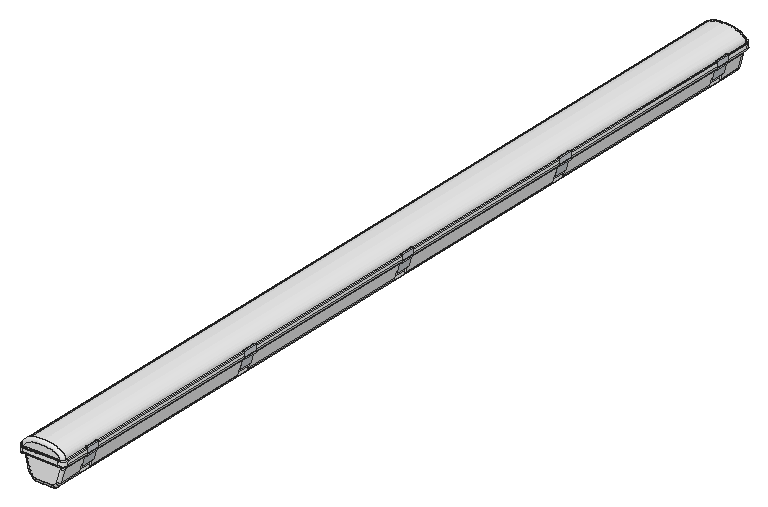
Revit family "0048720", category Lighting Fixtures, host Face, Revit 2017
Family settings
  Host = Face
  Round Connector Dimension = Use Diameter
  Part Type = Normal
  OmniClass Number = 23.80.70.11.14
  OmniClass Title = General Luminaries, Directional
  Cut with Voids When Loaded = Yes
  Light Source = Yes
  Shared = No
  Room Calculation Point = No
Parameters (values of type "0048720 SYLPROOF SUPERIA LED G3 1500mm S 4K SSH01")
  Width = 84 mm
  Weight = "2.06 kg"
  Wattage Comments = "n/a"
  Wattage = 33 W
  WarrantyStartDate [instance] = "n/a"
  WarrantyGuarantorParts = "n/a"
  WarrantyDurationUnit = "n/a"
  WarrantyDurationParts = "n/a"
  WarrantyDescription = "n/a"
  built-in parameter 1150110 = 1 (stored number, unit not read)
  Voltage = 230 V
  URL = "http://www.sylvania-lighting.com"
  TypeName = "SYLPROOF SUPERIA LED G3 1500mm S 4K SSH01"
  Type Image = <None>
  Type Comments = "n/a"
  built-in parameter 1114217 = 1 (stored number, unit not read)
  Tilt Angle = -90.00°
  built-in parameter 1150109 = 1 (stored number, unit not read)
  built-in parameter 1150134 = 12
  built-in parameter 1150113 = 1 (stored number, unit not read)
  SerialNumber [instance] = "n/a"
  ReflectorMaterial = none
  PowerFactor = 0
  PowerConsumption = "33 W"
  Photometric Web File = "0048720.ies"
  NominalWidth = 0 mm
  NominalLength = 1578 mm
  NominalHeight = 75 mm
  Name = "SYLPROOF SUPERIA LED G3 1500mm S 4K SSH01"
  ModelReference = "SYLPROOF SUPERIA LED G3 1500mm S 4K SSH01"
  ModelNumber = "0048720"
  Model = "SYLPROOF SUPERIA LED G3 1500mm S 4K SSH01"
  Material = "polycarbonate housing, polycarbonate diffuser"
  ManufacturerName = "Feilo Sylvania"
  Manufacturer = "Feilo Sylvania"
  LuminousEfficacy = "145 lm/W"
  built-in parameter 1150105 = 380.78 (stored number, unit not read)
  Lumens = 4785 lm
  LuminaireType = "Weatherproof"
  built-in parameter 1150115 = 1 (stored number, unit not read)
  LightOutputRatio = "n/a"
  built-in parameter 1150137 = (empty or 0)
  built-in parameter 1150139 = (empty or 0)
  Length = 1572 mm
  LampsType = Lamp  # "LED"
  LampNominalLuminous = "4800 lm"
  LampMacAdamStep = "3"
  LampColourTemperature = "4000 K"
  LampColourRenderingIndex = "80"
  built-in parameter 1150112 = 1 (stored number, unit not read)
  built-in parameter 1150114 = 1 (stored number, unit not read)
  Lamp = "LED"
  Keynote = "16500"
  InstallationDate [instance] = "n/a"
  InputVoltage = "220-240V~"
  InputNominalFrequency = "50/60 Hz"
  built-in parameter 1150132 = (empty or 0)
  built-in parameter 1150102 = (empty or 0)
  built-in parameter 1150107 = 4000 (stored number, unit not read)
  built-in parameter 1150138 = (empty or 0)
  IngressProtection = "IP65"
  ImpactProtectionIndex = "IK08"
  built-in parameter 1150106 = 3.8078 (stored number, unit not read)
  IfcExportType = "IfcLightFixtureType"
  IfcExportAs = "IfcLightFixtureType"
  ExpectedLife = 50000
  Emit from Rectangle Width = Width - 20 mm  # 64 mm
  Emit from Rectangle Length = Length - 20 mm  # 1552 mm
  Emit Shape Visible in Rendering = no
  ElectricShockClassification = "Class I"
  built-in parameter 1150104 = 13.471 (stored number, unit not read)
  DurationUnit = "hours"
  DocumentationLiterature = "http://www.sylvania-lighting.com/product/en-int/products/0048720"
  DimmingControlOptions = "Non dimmable"
  Dimming Lamp Color Temperature Shift = <None>
  DiffuserMaterial = Diffuser-Sylvania-Transparent
  Description = ""
  Default Elevation = 1219.2 mm
  CreatedOn = "11/9/2017"
  CreatedBy = ""
  Cost = 0
  Color Filter = 16777215
  built-in parameter 1114216 [instance] = (empty or 0)
  ClassificationValue = "EF_70_80"
  ClassificationName = "Uniclass2015"
  BodyMaterial = Body-Sylvania-Gray
  BarCode [instance] = "n/a"
  built-in parameter 1114218 = 1 (stored number, unit not read)
  built-in parameter 1150133 = 10 (stored number, unit not read)
  AssetType = "Fixed"
  AssetIdentifier [instance] = "n/a"
  Assembly Code = "D5020200"
  Apparent Load = 33 VA
  AccessoryMaterial = Diffuser-Sylvania-Glow
Reference planes
  plane 1 "Center (Front/Back)": y = 0
  plane 2: z = 0
  plane 3 "Center (Left/Right)": x = 0
  plane 4: z = 54
  plane 5: x = -14.7
  plane 6: x = -21.8
  plane 7: x = -26.6
  plane 8: x = -29.2
  plane 9: z = 3
  plane 10: z = 7.8
  plane 11: z = 12.3
  plane 12: z = 36.6
  plane 13: z = 42.8
  plane 14: x = -38.1
  plane 15: z = 46.2
  plane 16: x = -42
  plane 17: y = 786
  plane 18: y = -786
  plane 19: x = 14.7
  plane 20: x = 21.8
  plane 21: x = 26.6
  plane 22: x = 29.2
  plane 23: x = 38.1
  plane 24: x = 42
  plane 25: y = 778.4
  plane 26: y = -778.4
  plane 27: y = -774.7
  plane 28: y = 774.7
  plane 29: z = 74
  plane 30: x = -38.5
  plane 31: x = 38.5
  plane 32: z = 55.2
  plane 33: y = -782.5
  plane 34: y = 782.5
  plane 35: x = -24.5
  plane 36: x = 24.5
  plane 37: x = -35.7
  plane 38: x = 35.7
  plane 39: z = 50.2
  plane 40: z = 24.6
  plane 41: y = -720
  plane 42: y = -734
  plane 43: y = -706
  plane 44: y = 720
  plane 45: y = -720
  plane 46: y = -734
  plane 47: y = -706
  plane 48: y = 720
  plane 49: y = 706
  plane 50: y = 734
  plane 51: y = -360
  plane 52: y = -374
  plane 53: y = -346
  plane 54: y = 0
  plane 55: y = -14
  plane 56: y = 14
  plane 57: y = 360
  plane 58: y = 346
  plane 59: y = 374
Forms (mm)
  Sweep 1, solid, material "Body-Sylvania-Gray" <- "BodyMaterial", detail levels medium+fine
    path origin (1223.4, -4572, 54) x (0, -1, 0) y (1, 0, 0)
      loop
        arc (-3796, -1265.4) -> (-3788.929, -1262.471) -> (-3786, -1255.4) r 10
        line (-3786, -1255.4) -> (-3786, -1191.4)
        arc (-3786, -1191.4) -> (-3788.929, -1184.329) -> (-3796, -1181.4) r 10
        line (-3796, -1181.4) -> (-5348, -1181.4)
        arc (-5348, -1181.4) -> (-5355.071, -1184.329) -> (-5358, -1191.4) r 10
        line (-5358, -1191.4) -> (-5358, -1255.4)
        arc (-5358, -1255.4) -> (-5355.071, -1262.471) -> (-5348, -1265.4) r 10
        line (-5348, -1265.4) -> (-3796, -1265.4)
    profile origin (-42, 0, 54) x (-1, 0, 0) y (0, 0, 1)
      loop
        line (0, 0) -> (-1, 0) -> (-1, -7.726)
        arc (-1, -7.726) -> (-1.994, -9.498) -> (-3.9, -10.2) r 2.937
        line (-3.9, -10.2) -> (-8.571, -10.2) -> (-8.571, -11.2) -> (-3.9, -11.2)
        arc (-3.9, -11.2) -> (-1.313, -10.231) -> (0, -7.8) r 3.937
        line (0, -7.8) -> (0, 0)
  Sweep 2, solid, material "Body-Sylvania-Gray" <- "BodyMaterial", detail levels medium+fine
    path origin (0, 0, 0) x (1, 0, 0) y (0, 0, 1)
      loop
        line (35.7, 42.8) -> (35.7, 36.6) -> (29.203, 12.31)
        arc (29.203, 12.31) -> (28.199, 9.884) -> (26.6, 7.8) r 10.052
        line (26.6, 7.8) -> (21.8, 3)
        arc (21.8, 3) -> (18.554, 0.781) -> (14.7, 0) r 9.902
        line (14.7, 0) -> (0, 0) -> (-14.7, 0)
        arc (-14.7, 0) -> (-18.554, 0.781) -> (-21.8, 3) r 9.902
        line (-21.8, 3) -> (-26.6, 7.8)
        arc (-26.6, 7.8) -> (-28.199, 9.884) -> (-29.203, 12.31) r 10.052
        line (-29.203, 12.31) -> (-35.7, 36.6) -> (-35.7, 42.8)
    profile origin (0, 0, 0) x (0, 0, -1) y (0, -1, 0)
      loop
        arc (0, 773.4) -> (-1.464, 776.936) -> (-5, 778.4) r 5
        line (-5, 778.4) -> (-7.8, 778.4) -> (-7.8, -778.4) -> (-5, -778.4)
        arc (-5, -778.4) -> (-1.464, -776.936) -> (0, -773.4) r 5
        line (0, -773.4) -> (0, 773.4)
  Extrusion 3, solid, material "Body-Sylvania-Gray" <- "BodyMaterial", detail levels medium+fine
    sketch origin (1524, 778.4, 1219.2) x (1, 0, 0) y (0, 0, 1)
      loop
        arc (-1545.668, -1204.874) -> (-1545.443, -1205.418) -> (-1545.085, -1205.885) r 2.252
        line (-1545.085, -1205.885) -> (-1540.231, -1210.738)
        arc (-1540.231, -1210.738) -> (-1539.534, -1211.227) -> (-1538.7, -1211.4) r 2.102
        line (-1538.7, -1211.4) -> (-1509.3, -1211.4)
        arc (-1509.3, -1211.4) -> (-1508.466, -1211.227) -> (-1507.769, -1210.738) r 2.102
        line (-1507.769, -1210.738) -> (-1502.915, -1205.885)
        arc (-1502.915, -1205.885) -> (-1502.557, -1205.418) -> (-1502.332, -1204.874) r 2.252
        line (-1502.332, -1204.874) -> (-1496.1, -1181.575) -> (-1496.1, -1176.4) -> (-1551.9, -1176.4) -> (-1551.9, -1181.575) -> (-1545.668, -1204.874)
    from 0 to 1556.8
  Sweep 4, solid, material "Diffuser-Sylvania-Transparent" <- "DiffuserMaterial", detail levels medium+fine
    path origin (0, 0, 0) x (1, 0, 0) y (0, 0, 1)
      loop
        spline (-38.5, 55.2) -> (-37.188, 60.066) -> (-33.342, 64.6) -> (-27.224, 68.494) -> (-19.25, 71.481) -> (-9.965, 73.359) -> (0, 74) -> (9.965, 73.359) -> (19.25, 71.481) -> (27.224, 68.494) -> (33.342, 64.6) -> (37.188, 60.066) -> (38.5, 55.2)
    profile origin (38.5, 0, 55.2) x (0, -1, 0) y (1, 0, 0)
      loop
        arc (782.5, -5.5) -> (780.889, -1.611) -> (777, 0) r 5.5
        line (777, 0) -> (-777, 0)
        arc (-777, 0) -> (-780.889, -1.611) -> (-782.5, -5.5) r 5.5
        line (-782.5, -5.5) -> (-782.5, -6.3) -> (-781.5, -6.3) -> (-781.5, -5.5)
        arc (-781.5, -5.5) -> (-780.182, -2.318) -> (-777, -1) r 4.5
        line (-777, -1) -> (777, -1)
        arc (777, -1) -> (780.182, -2.318) -> (781.5, -5.5) r 4.5
        line (781.5, -5.5) -> (781.5, -6.347) -> (782.5, -6.347) -> (782.5, -5.5)
  Extrusion 5, solid, material "Diffuser-Sylvania-Transparent" <- "DiffuserMaterial", detail levels medium+fine
    sketch origin (1524, -782.5, 1219.2) x (1, 0, 0) y (0, 0, 1)
      loop
        line (-1556.653, -1164) -> (-1491.347, -1164)
        spline (-1491.347, -1164) -> (-1491.939, -1161.945) -> (-1494.434, -1159.066) -> (-1499.342, -1155.96) -> (-1506.338, -1153.35) -> (-1514.799, -1151.648) -> (-1524, -1151.047) -> (-1533.201, -1151.648) -> (-1541.662, -1153.35) -> (-1548.658, -1155.96) -> (-1553.566, -1159.066) -> (-1556.061, -1161.945) -> (-1556.653, -1164)
    from 0 to -1
  Extrusion 6, solid, material "Diffuser-Sylvania-Transparent" <- "DiffuserMaterial", detail levels medium+fine
    sketch origin (1524, 782.5, 1219.2) x (1, 0, 0) y (0, 0, 1)
      loop
        spline (-1491.3, -1164) -> (-1491.898, -1161.922) -> (-1494.404, -1159.03) -> (-1499.322, -1155.918) -> (-1506.325, -1153.305) -> (-1514.793, -1151.602) -> (-1524, -1151) -> (-1533.207, -1151.602) -> (-1541.675, -1153.305) -> (-1548.678, -1155.918) -> (-1553.596, -1159.03) -> (-1556.102, -1161.922) -> (-1556.7, -1164)
        line (-1556.7, -1164) -> (-1491.3, -1164)
    from 0 to 1
  Extrusion 7, solid, material "Diffuser-Sylvania-Glow" <- "AccessoryMaterial", detail levels fine
    sketch origin (0, 0, 0) x (1, 0, 0) y (0, 0, 1)
      loop
        circle (0, 50.2) r 8
    from -774.7 to 774.7
  Extrusion 8, void
    sketch origin (0, -720, 2343.807) x (0, 0, -1) y (-1, 0, 0)
      loop
        line (2340.807, -24.5) -> (2331.507, -24.5) -> (2319.207, -29.2) -> (2319.207, -35.7) -> (2340.807, -35.7) -> (2340.807, -24.5)
      loop
        line (2340.807, 24.5) -> (2340.807, 35.7) -> (2319.207, 35.7) -> (2319.207, 29.2) -> (2331.507, 24.5) -> (2340.807, 24.5)
    from 14 to -14
  Extrusion 9, void, not visible
    sketch origin (0, -720, 2343.807) x (0, 0, -1) y (-1, 0, 0)
      loop
        line (2340.807, -24.5) -> (2331.507, -24.5) -> (2319.207, -29.2) -> (2319.207, -35.7) -> (2340.807, -35.7) -> (2340.807, -24.5)
      loop
        line (2340.807, 24.5) -> (2340.807, 35.7) -> (2319.207, 35.7) -> (2319.207, 29.2) -> (2331.507, 24.5) -> (2340.807, 24.5)
    from 14 to -14
  Extrusion 10, void
    sketch origin (0, 720, 2343.807) x (0, 0, -1) y (-1, 0, 0)
      loop
        line (2340.807, -24.5) -> (2331.507, -24.5) -> (2319.207, -29.2) -> (2319.207, -35.7) -> (2340.807, -35.7) -> (2340.807, -24.5)
      loop
        line (2340.807, 24.5) -> (2340.807, 35.7) -> (2319.207, 35.7) -> (2319.207, 29.2) -> (2331.507, 24.5) -> (2340.807, 24.5)
    from 14 to -14
  Extrusion 11, void
    sketch origin (0, -360, 2343.807) x (0, 0, -1) y (-1, 0, 0)
      loop
        line (2340.807, -24.5) -> (2331.507, -24.5) -> (2319.207, -29.2) -> (2319.207, -35.7) -> (2340.807, -35.7) -> (2340.807, -24.5)
      loop
        line (2340.807, 24.5) -> (2340.807, 35.7) -> (2319.207, 35.7) -> (2319.207, 29.2) -> (2331.507, 24.5) -> (2340.807, 24.5)
    from 14 to -14
  Extrusion 12, void
    sketch origin (0, 0, 2343.807) x (0, 0, -1) y (-1, 0, 0)
      loop
        line (2340.807, -24.5) -> (2331.507, -24.5) -> (2319.207, -29.2) -> (2319.207, -35.7) -> (2340.807, -35.7) -> (2340.807, -24.5)
      loop
        line (2340.807, 24.5) -> (2340.807, 35.7) -> (2319.207, 35.7) -> (2319.207, 29.2) -> (2331.507, 24.5) -> (2340.807, 24.5)
    from 14 to -14
  Extrusion 13, void
    sketch origin (0, 360, 2343.807) x (0, 0, -1) y (-1, 0, 0)
      loop
        line (2340.807, -24.5) -> (2331.507, -24.5) -> (2319.207, -29.2) -> (2319.207, -35.7) -> (2340.807, -35.7) -> (2340.807, -24.5)
      loop
        line (2340.807, 24.5) -> (2340.807, 35.7) -> (2319.207, 35.7) -> (2319.207, 29.2) -> (2331.507, 24.5) -> (2340.807, 24.5)
    from 14 to -14
  Extrusion 14, solid, material "Diffuser-Sylvania-Transparent" <- "DiffuserMaterial", detail levels medium+fine
    sketch origin (1223.4, -4572, 54) x (0, -1, 0) y (-1, 0, 0)
      loop
        arc (-5348, 1265.4) -> (-5355.071, 1262.471) -> (-5358, 1255.4) r 10
        line (-5358, 1255.4) -> (-5358, 1191.4)
        arc (-5358, 1191.4) -> (-5355.071, 1184.329) -> (-5348, 1181.4) r 10
        line (-5348, 1181.4) -> (-3796, 1181.4)
        arc (-3796, 1181.4) -> (-3788.929, 1184.329) -> (-3786, 1191.4) r 10
        line (-3786, 1191.4) -> (-3786, 1255.4)
        arc (-3786, 1255.4) -> (-3788.929, 1262.471) -> (-3796, 1265.4) r 10
        line (-3796, 1265.4) -> (-5348, 1265.4)
      loop
        arc (-5354.5, 1190.394) -> (-5352.887, 1186.509) -> (-5349, 1184.9) r 5.5
        line (-5349, 1184.9) -> (-3795, 1184.9)
        arc (-3795, 1184.9) -> (-3791.113, 1186.509) -> (-3789.5, 1190.394) r 5.5
        line (-3789.5, 1190.394) -> (-3789.5, 1256.406)
        arc (-3789.5, 1256.406) -> (-3791.113, 1260.291) -> (-3795, 1261.9) r 5.5
        line (-3795, 1261.9) -> (-5349, 1261.9)
        arc (-5349, 1261.9) -> (-5352.887, 1260.291) -> (-5354.5, 1256.406) r 5.5
        line (-5354.5, 1256.406) -> (-5354.5, 1190.394)
    from 0 to -1.2
  Extrusion 15, solid, material "Body-Sylvania-Gray" <- "BodyMaterial", detail levels coarse
    sketch origin (0, 0, 0) x (1, 0, 0) y (0, 0, 1)
      loop
        line (-42, 55.2) -> (-42, 42.8) -> (-26.6, 0) -> (26.6, 0) -> (42, 42.8) -> (42, 55.2) -> (-42, 55.2)
    from -786 to 786
  Extrusion 16, solid, material "Diffuser-Sylvania-Transparent" <- "DiffuserMaterial", detail levels coarse
    sketch origin (0, 0, 0) x (1, 0, 0) y (0, 0, 1)
      loop
        line (-38.5, 55.2) -> (38.5, 55.2)
        arc (38.5, 55.2) -> (0, 74) -> (-38.5, 55.2) r 48.822
    from -778.4 to 778.4
Cuts and joins
  Extrusion 8, Extrusion 10, Extrusion 11, Extrusion 12, Extrusion 13 cuts Sweep 2
  Extrusion 8, Extrusion 10, Extrusion 11, Extrusion 12, Extrusion 13 cuts Extrusion 3
  joined: Sweep 2, Extrusion 3
  joined: Sweep 4, Extrusion 5, Extrusion 6, Extrusion 14
Dimensions and locks
  locked: plane 4 to plane 2 at 54
  plane 5 to plane 6 to plane 7 to plane 8 to plane 14 to plane 16 = 7.1 mm locked, 4.8 mm locked, 2.6 mm locked, 8.9 mm locked, 3.9 mm locked
  plane 4 to plane 15 to plane 13 to plane 12 to plane 11 to plane 10 to plane 9 = 7.8 mm locked, 3.4 mm, 6.2 mm locked, 24.3 mm locked, 4.5 mm locked, 4.8 mm locked
  equal spacing: plane 18, plane 1 "Center (Front/Back)", plane 17
  "Length": plane 18 to plane 17
  plane 19 to plane 20 to plane 21 to plane 22 to plane 23 to plane 24 = 7.1 mm locked, 4.8 mm locked, 2.6 mm locked, 8.9 mm, 3.9 mm
  equal spacing: plane 24, plane 3 "Center (Left/Right)", plane 16
  "Width": plane 24 to plane 16
  equal spacing: plane 27, plane 1 "Center (Front/Back)", plane 28
  locked: plane 26 to plane 27 at 3.7
  locked: Sweep 1 sketch curve to profile plane at 1
  locked: Sweep 1 sketch curve to plane 13 at 1
  locked: Sweep 1 sketch curve to plane 13 at 3.937  (x2)
  locked: Sweep 1 sketch curve to profile plane at 3.9  (x2)
  plane 29 to plane 4 = 20 mm
  equal spacing: plane 31, plane 3 "Center (Left/Right)", plane 30
  locked: plane 30 to plane 16 at 3.5
  locked: plane 32 to plane 4 at 1.2
  equal spacing: plane 33, plane 1 "Center (Front/Back)", plane 34
  equal spacing: plane 36, plane 3 "Center (Left/Right)", plane 35
  locked: plane 34 to plane 17 at 3.5
  equal spacing: plane 38, plane 3 "Center (Left/Right)", plane 37
  locked: plane 37 to plane 16 at 6.3
  equal spacing: plane 25, plane 1 "Center (Front/Back)", plane 26
  locked: plane 17 to plane 25 at 7.6
  locked: Sweep 2 sketch curve to plane 2 at 5  (x2)
  locked: Sweep 2 sketch curve to plane 26 at 5
  locked: plane 25 to Sweep 2 sketch curve at 5
  locked: Sweep 4 sketch curve to plane 31 at 5.5  (x2)
  locked: Sweep 4 sketch curve to plane 34 at 5.5
  plane 33 to Sweep 4 sketch curve = 5.5 mm
  locked: plane 34 to Sweep 4 sketch curve at 1
  locked: Sweep 4 sketch curve to plane 31 at 1
  locked: Sweep 4 sketch curve to Sweep 4 sketch curve at 1
  locked: Sweep 4 sketch curve to plane 31 at 6.347
  locked: Sweep 4 sketch curve to plane 31 at 6.3
  locked: plane 40 to plane 2 at 24.6
  locked: plane 6 to plane 35 at 2.7
  locked: plane 1 "Center (Front/Back)" to plane 41 at 720
  plane 43 to plane 41 to plane 42 = 14 mm locked, 14 mm locked
  locked: plane 44 to plane 1 "Center (Front/Back)" at 720
  plane 47 to plane 45 to plane 46 = 14 mm locked, 14 mm locked
  plane 50 to plane 48 to plane 49 = 14 mm locked, 14 mm locked  (x2)
  equal spacing: group 1, group 6, group 7, group 8, group 5  (x3)
  plane 53 to plane 51 to plane 52 = 14 mm locked, 14 mm locked  (x2)
  plane 56 to plane 54 to plane 55 = 14 mm locked, 14 mm locked  (x2)
  plane 59 to plane 57 to plane 58 = 14 mm locked, 14 mm locked  (x2)
  plane 48 to plane 57 to plane 1 "Center (Front/Back)" to plane 51 to plane 41 = 360 mm locked, 360 mm locked, 360 mm locked, 360 mm locked
  aligned and locked: plane 2 to host face
  aligned and locked: level to host face
  aligned and locked: plane 16 to Sweep 1 sketch curve
  aligned and locked: Sweep 1 sketch curve to plane 24
  aligned and locked: plane 18 to Sweep 1 sketch curve
  aligned and locked: Sweep 1 sketch curve to plane 13
  aligned and locked: profile plane to Sweep 1 sketch curve
  aligned and locked: plane 3 "Center (Left/Right)" to Sweep 2 sketch curve
  aligned and locked: plane 9 to Sweep 2 sketch curve
  aligned and locked: plane 10 to Sweep 2 sketch curve
  aligned and locked: plane 37 to Sweep 2 sketch curve
  aligned and locked: plane 12 to Sweep 2 sketch curve
  aligned and locked: Sweep 2 sketch curve to level
  aligned and locked: plane 21 to Sweep 2 sketch curve
  aligned and locked: plane 38 to Sweep 2 sketch curve
  aligned and locked: profile plane to Sweep 2 sketch curve
  aligned and locked: plane 25 to Sweep 2 sketch curve
  aligned and locked: Sweep 2 sketch curve to plane 10
  aligned and locked: Extrusion 3 sketch curve to Sweep 2  (x7)
  aligned and locked: Sweep 2 to Extrusion 3 sketch curve
  aligned and locked: Extrusion 3 to plane 25
  aligned and locked: plane 26 to Extrusion 3
  aligned and locked: plane 32 to Sweep 4 sketch curve
  aligned and locked: plane 33 to Sweep 4 sketch curve
  aligned and locked: Sweep 4 to Extrusion 5
  aligned and locked: plane 33 to Extrusion 5
  aligned and locked: plane 39 to Extrusion 7 sketch curve
  aligned and locked: plane 27 to Extrusion 7
  aligned and locked: Extrusion 7 to plane 28
  aligned and locked: Extrusion 6 sketch curve to Sweep 4
  aligned and locked: Extrusion 5 sketch curve to Sweep 4
  aligned and locked: Extrusion 8 to plane 43
  aligned and locked: plane 42 to Extrusion 8
  aligned and locked: Extrusion 10 to plane 50
  aligned and locked: plane 49 to Extrusion 10
  aligned and locked: Extrusion 11 to plane 53
  aligned and locked: plane 52 to Extrusion 11
  aligned and locked: Extrusion 12 to plane 56
  aligned and locked: plane 55 to Extrusion 12
  aligned and locked: Extrusion 13 to plane 59
  aligned and locked: plane 58 to Extrusion 13
  aligned and locked: plane 3 "Center (Left/Right)" to Extrusion 7 sketch curve
  aligned and locked: Extrusion 14 sketch curve to Sweep 1  (x4)
  aligned and locked: Extrusion 14 to plane 32
  aligned and locked: plane 4 to Extrusion 14
  aligned and locked: plane 48 to nested 1
  aligned and locked: plane 57 to nested 2
  aligned and locked: plane 54 to nested 3
  aligned and locked: nested 4 to plane 51
  aligned and locked: nested 5 to plane 41
  aligned and locked: plane 41 to nested 10
  aligned and locked: plane 51 to nested 9
  aligned and locked: plane 54 to nested 8
  aligned and locked: plane 57 to nested 7
  aligned and locked: plane 48 to nested 6
  aligned and locked: plane 1 "Center (Front/Back)" to imposter light
  aligned and locked: plane 3 "Center (Left/Right)" to imposter light
  aligned and locked: imposter light to plane 29
  aligned and locked: plane 7 to Extrusion 15 sketch curve
  aligned and locked: plane 2 to Extrusion 15 sketch curve
  aligned and locked: Extrusion 15 sketch curve to nested 6
  aligned and locked: Extrusion 15 sketch curve to nested 1
  aligned and locked: plane 18 to Extrusion 15
  aligned and locked: Extrusion 15 to plane 17
  aligned and locked: Extrusion 15 to Sweep 1  (x2)
  aligned and locked: plane 30 to Extrusion 16 sketch curve
  aligned and locked: plane 31 to Extrusion 16 sketch curve
  aligned and locked: Extrusion 16 sketch curve to cut or joined group of Sweep 4, Extrusion 5, Extrusion 6, Extrusion 14
  aligned and locked: Extrusion 16 to plane 25
  aligned and locked: plane 26 to Extrusion 16
Automatic sketch dimensions
  host sketch curve to host sketch curve = 2438.4 mm  (x2)
  plane 17 to Sweep 1 sketch curve = 0 mm
  Sweep 1 sketch curve to plane 28 = 1.3 mm
  Sweep 1 sketch curve to plane 7 = 5.4 mm
  plane 27 to Sweep 1 sketch curve = 1.3 mm  (x2)
  Sweep 1 sketch curve to Sweep 1 sketch curve = 4.671 mm
  Sweep 1 sketch curve to plane 4 = 0 mm
  Sweep 2 sketch curve to plane 7 = 0 mm
  Sweep 2 sketch curve to plane 6 = 0 mm
  Sweep 2 sketch curve to plane 5 = 0 mm
  plane 19 to Sweep 2 sketch curve = 0 mm
  Sweep 2 sketch curve to plane 9 = 0 mm
  plane 20 to Sweep 2 sketch curve = 0 mm
  Sweep 2 sketch curve to plane 12 = 0 mm
  Sweep 2 sketch curve to plane 10 = 0 mm
  Sweep 2 sketch curve to plane 13 = 0 mm  (x2)
  Sweep 2 sketch curve to plane 8 = 0.003 mm
  plane 6 to Sweep 2 sketch curve = 2.308 mm
  plane 20 to Sweep 2 sketch curve = 2.308 mm
  Sweep 2 sketch curve to plane 22 = 0.003 mm
  Sweep 2 sketch curve to plane 11 = 0.01 mm  (x2)
  Extrusion 3 sketch curve to plane 5 = 0 mm
  plane 19 to Extrusion 3 sketch curve = 0 mm
  plane 6 to Extrusion 3 sketch curve = 0.132 mm
  plane 6 to Extrusion 3 sketch curve = 0.715 mm
  Extrusion 3 sketch curve to Extrusion 3 sketch curve = 1.592 mm
  Extrusion 3 sketch curve to plane 10 = 0.662 mm  (x2)
  plane 20 to Extrusion 3 sketch curve = 2.308 mm
  plane 20 to Extrusion 3 sketch curve = 0.715 mm
  plane 20 to Extrusion 3 sketch curve = 0.132 mm
  Sweep 4 sketch curve to plane 30 = 0 mm
  Sweep 4 sketch curve to plane 3 "Center (Left/Right)" = 0 mm
  Sweep 4 sketch curve to Sweep 4 sketch curve = 0 mm  (x2)
  plane 37 to Extrusion 6 sketch curve = 3 mm
  Extrusion 6 sketch curve to plane 38 = 3 mm
  plane 37 to Extrusion 5 sketch curve = 3.047 mm
  Extrusion 5 sketch curve to plane 38 = 3.047 mm
  Extrusion 8 sketch curve to Extrusion 8 sketch curve = 0 mm
  Extrusion 8 sketch curve to Extrusion 8 sketch curve = 12.3 mm  (x2)
  Extrusion 8 sketch curve to Extrusion 8 sketch curve = 9.3 mm  (x2)
  Extrusion 8 sketch curve to Extrusion 8 sketch curve = 6.5 mm  (x2)
  Extrusion 8 sketch curve to Extrusion 8 sketch curve = 4.7 mm  (x2)
  Extrusion 8 sketch curve to Extrusion 8 sketch curve = 49 mm
  Extrusion 9 sketch curve to Extrusion 9 sketch curve = 0 mm
  Extrusion 9 sketch curve to Extrusion 9 sketch curve = 12.3 mm  (x2)
  Extrusion 9 sketch curve to Extrusion 9 sketch curve = 9.3 mm  (x2)
  Extrusion 9 sketch curve to Extrusion 9 sketch curve = 6.5 mm  (x2)
  Extrusion 9 sketch curve to Extrusion 9 sketch curve = 4.7 mm  (x2)
  Extrusion 9 sketch curve to Extrusion 9 sketch curve = 49 mm
  Extrusion 10 sketch curve to Extrusion 10 sketch curve = 0 mm
  Extrusion 10 sketch curve to Extrusion 10 sketch curve = 12.3 mm  (x2)
  Extrusion 10 sketch curve to Extrusion 10 sketch curve = 9.3 mm  (x2)
  Extrusion 10 sketch curve to Extrusion 10 sketch curve = 6.5 mm  (x2)
  Extrusion 10 sketch curve to Extrusion 10 sketch curve = 4.7 mm  (x2)
  Extrusion 10 sketch curve to Extrusion 10 sketch curve = 49 mm
  Extrusion 11 sketch curve to Extrusion 11 sketch curve = 0 mm
  Extrusion 11 sketch curve to Extrusion 11 sketch curve = 12.3 mm  (x2)
  Extrusion 11 sketch curve to Extrusion 11 sketch curve = 9.3 mm  (x2)
  Extrusion 11 sketch curve to Extrusion 11 sketch curve = 6.5 mm  (x2)
  Extrusion 11 sketch curve to Extrusion 11 sketch curve = 4.7 mm  (x2)
  Extrusion 11 sketch curve to Extrusion 11 sketch curve = 49 mm
  Extrusion 12 sketch curve to Extrusion 12 sketch curve = 0 mm
  Extrusion 12 sketch curve to Extrusion 12 sketch curve = 12.3 mm  (x2)
  Extrusion 12 sketch curve to Extrusion 12 sketch curve = 9.3 mm  (x2)
  Extrusion 12 sketch curve to Extrusion 12 sketch curve = 6.5 mm  (x2)
  Extrusion 12 sketch curve to Extrusion 12 sketch curve = 4.7 mm  (x2)
  Extrusion 12 sketch curve to Extrusion 12 sketch curve = 49 mm
  Extrusion 13 sketch curve to Extrusion 13 sketch curve = 0 mm
  Extrusion 13 sketch curve to Extrusion 13 sketch curve = 12.3 mm  (x2)
  Extrusion 13 sketch curve to Extrusion 13 sketch curve = 9.3 mm  (x2)
  Extrusion 13 sketch curve to Extrusion 13 sketch curve = 6.5 mm  (x2)
  Extrusion 13 sketch curve to Extrusion 13 sketch curve = 4.7 mm  (x2)
  Extrusion 13 sketch curve to Extrusion 13 sketch curve = 49 mm
  Extrusion 14 sketch curve to plane 34 = 0 mm
  plane 30 to Extrusion 14 sketch curve = 0 mm
  Extrusion 14 sketch curve to plane 31 = 0 mm
  plane 33 to Extrusion 14 sketch curve = 0 mm
  plane 25 to Extrusion 14 sketch curve = 1.4 mm  (x4)
  Extrusion 14 sketch curve to plane 26 = 1.4 mm  (x4)
  plane 37 to Extrusion 14 sketch curve = 2.694 mm  (x2)
  Extrusion 14 sketch curve to plane 38 = 2.694 mm  (x2)
  plane 21 to Extrusion 15 sketch curve = 0 mm
  Extrusion 15 sketch curve to plane 13 = 0 mm  (x2)
  Extrusion 15 sketch curve to plane 32 = 0 mm
  Extrusion 16 sketch curve to plane 40 = 0.578 mm
  radius of Extrusion 7 sketch curve = 8 mm
Nested families
  nested 1: "Clip" at (-29.2, 720, 24.6) x (-1, 0, 0) z (0, 0, 1), type "Clip", detail levels fine
  nested 2: "Clip" at (-29.2, 360, 24.6) x (-1, 0, 0) z (0, 0, 1), type "Clip", detail levels fine
  nested 3: "Clip" at (-29.2, 0, 24.6) x (-1, 0, 0) z (0, 0, 1), type "Clip", detail levels fine
  nested 4: "Clip" at (-29.2, -360, 24.6) x (-1, 0, 0) z (0, 0, 1), type "Clip", detail levels fine
  nested 5: "Clip" at (-29.2, -720, 24.6) x (-1, 0, 0) z (0, 0, 1), type "Clip", detail levels fine
  nested 6: "Clip" at (29.2, 720, 24.6), type "Clip", detail levels fine
  nested 7: "Clip" at (29.2, 360, 24.6), type "Clip", detail levels fine
  nested 8: "Clip" at (29.2, 0, 24.6), type "Clip", detail levels fine
  nested 9: "Clip" at (29.2, -360, 24.6), type "Clip", detail levels fine
  nested 10: "Clip" at (29.2, -720, 24.6), type "Clip", detail levels fine
Connectors
  electrical at (0, 0, 0), driven by "Apparent Load"
    settings: index 1, voltage 230 V, apparent load 33 VA, apparent load phase1 0 VA, apparent load phase2 0 VA, apparent load phase3 0 VA, power factor 0, load classification "Lighting", number of poles 1, system type 30, power factor state 1, is connector primary yes, connector utility no, sub classification motor no, connector description ""
Definition of nested family "Clip"
  Parameters (values of type "Clip")
    URL = "http://www.feilosylvania.com"
    Type Comments = "n/a"
    Model = "n/a"
    Manufacturer = "Feilo Sylvania"
    Keynote = "n/a"
    Description = "n/a"
    Default Elevation = 1219.2 mm
    Cost = 0
    BodyMaterial = none
    Assembly Code = "n/a"
  Reference planes
    plane 1 "Center (Front/Back)": y = 0
    plane 2: z = 0
    plane 3 "Center (Left/Right)": x = 0
    plane 4: x = 3.3
    plane 5: x = 6.5
    plane 6: x = 8.9
    plane 7: x = 12.8
    plane 8: z = 12
    plane 9: z = 18.2
    plane 10: z = 21.6
    plane 11: z = 30.6
    plane 12: x = 9.3
    plane 13: z = 19.2
    plane 14: z = 16.2
    plane 15: x = 10.1
    plane 16: y = 12
    plane 17: y = -12
  Forms (mm)
    Extrusion 1, solid
      sketch origin (-0.8, 0, 0) x (1, 0, 0) y (0, 1, 0)
        loop
          line (-1219.2, 1219.2) -> (-1219.2, -1219.2) -> (1219.2, -1219.2) -> (1219.2, 1219.2) -> (-1219.2, 1219.2)
      from 0 to -304.8
    Extrusion 2, solid
      sketch origin (0, 0, 0) x (1, 0, 0) y (0, 0, 1)
        loop
          line (8.9, 16.2) -> (4.58, 0) -> (0, 0) -> (0, -0.8) -> (5.195, -0.8) -> (9.603, 15.731) -> (13.6, 18.806) -> (13.6, 30.6)
          arc (13.6, 30.6) -> (11.45, 32.75) -> (9.3, 30.6) r 2.15
          line (9.3, 30.6) -> (10.1, 30.6)
          arc (10.1, 30.6) -> (11.45, 31.95) -> (12.8, 30.6) r 1.35
          line (12.8, 30.6) -> (12.8, 19.2) -> (8.9, 16.2)
      from -12 to 12
  Lines and regions (mm)
    reference lines
      curve 1: line (3.3, 0, 0) -> (6.5, 0, 12)
      curve 2: arc (8.9, 0, 18.2) -> (11.488, 0, 19.169) -> (12.8, 0, 21.6) r 3.934
  Dimensions and locks
    plane 7 to plane 6 to plane 5 to plane 4 to plane 3 "Center (Left/Right)" = 3.9 mm locked, 2.4 mm locked, 3.2 mm locked, 3.3 mm locked
    plane 11 to plane 10 to plane 9 to plane 8 to plane 2 = 9 mm locked, 3.4 mm locked, 6.2 mm locked, 12 mm locked
    locked: plane 7 to plane 12 at 3.5
    locked: plane 13 to plane 9 at 1
    locked: plane 9 to plane 14 at 2
    locked: plane 15 to plane 12 at 0.8
    locked: plane 2 to Extrusion 2 sketch curve at 0.8
    locked: Extrusion 2 sketch curve to Extrusion 2 sketch curve at 0.8  (x3)
    locked: plane 7 to Extrusion 2 sketch curve at 1.35
    equal spacing: plane 17, plane 1 "Center (Front/Back)", plane 16
    locked: plane 1 "Center (Front/Back)" to plane 16 at 12
    aligned and locked: plane 2 to Extrusion 1
    aligned and locked: level to Extrusion 1
    aligned and locked: plane 4 to curve 1
    aligned and locked: plane 5 to curve 1
    aligned and locked: plane 6 to curve 2
    aligned and locked: plane 10 to curve 2
    aligned and locked: plane 14 to Extrusion 2 sketch curve
    aligned and locked: plane 13 to Extrusion 2 sketch curve
    aligned and locked: plane 7 to Extrusion 2 sketch curve
    aligned and locked: plane 3 "Center (Left/Right)" to Extrusion 2 sketch curve
    aligned and locked: Extrusion 2 sketch curve to level
    aligned and locked: Extrusion 2 sketch curve to plane 11
    aligned and locked: plane 11 to Extrusion 2 sketch curve
    aligned and locked: Extrusion 2 to plane 16
    aligned and locked: plane 17 to Extrusion 2
  Automatic sketch dimensions
    Extrusion 1 sketch curve to Extrusion 1 sketch curve = 2438.4 mm  (x2)
    curve 2 to plane 7 = 0 mm
    curve 1 to level = 0 mm
    curve 1 to plane 8 = 0 mm
    curve 2 to plane 9 = 0 mm
    plane 6 to curve 2 = 0.002 mm
    Extrusion 2 sketch curve to Extrusion 2 sketch curve = 0 mm
    Extrusion 2 sketch curve to plane 6 = 0 mm
    plane 4 to Extrusion 2 sketch curve = 1.28 mm
